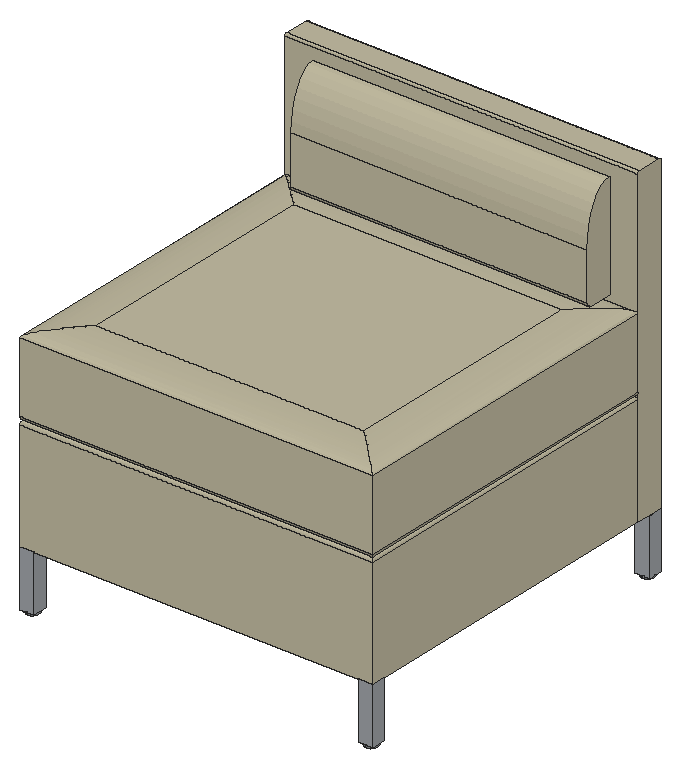
Revit family
Parameters
  URL = "http://www.martinbrattrud.com"
  Table [instance] = none
  SCS Certified Product = "Yes"
  Model = "Bristol 247-01L"
  Manufacturer = "Martin Brattrud, Inc."
  Leg = none
  Keynote = "125000"
  Copyright = "© 2013 Martin Brattrud, Inc."
  Chair [instance] = none
  Back Cushion [instance] = none
  Authoring Version = "Revit Architecture 2010"
  Assembly Code = "E2020200"
Reference planes (in)
  plane 1 "Center Front/Back": y = 0
  plane 2: z = 0
  plane 3 "Center Left/Right": x = 0
  plane 4: y = -8.25
Forms (in)
  Extrusion 1, solid, material <- "Back Cushion"
    sketch origin (0, 0, 0) x (0, 1, 0) y (0, 0, 1)
      loop
        line (8.75, 21.75) -> (8.75, 18.375)
        arc (8.75, 18.375) -> (8.859835, 18.109835) -> (9.125, 18) r 0.375
        line (9.125, 18) -> (10.75, 18) -> (10.75, 25.5)
        spline (10.75, 25.5) -> (10.4889476, 25.4679182) -> (10.2323619, 25.3722218) -> (9.9846331, 25.2145482) -> (9.75, 24.9975953) -> (9.5324771, 24.725075) -> (9.3357864, 24.4016504) -> (9.1632933, 24.0328554) -> (9.0179492, 23.625) -> (8.9022409, 23.1850629) -> (8.8181483, 22.7205714) -> (8.7671103, 22.2394732) -> (8.75, 21.75)
    from -23 to -2
  Extrusion 2, solid, material <- "Chair"
    sketch origin (0, 0, 0) x (0, 1, 0) y (0, 0, 1)
      loop
        line (12.625, 26.5) -> (10.875, 26.5)
        arc (10.875, 26.5) -> (10.7866117, 26.4633883) -> (10.75, 26.375) r 0.125
        line (10.75, 26.375) -> (10.75, 4.25) -> (12.75, 4.25) -> (12.75, 26.375)
        arc (12.75, 26.375) -> (12.7133883, 26.4633883) -> (12.625, 26.5) r 0.125
    from -25 to 0
  Sweep 3, solid, material <- "Chair"
    path in 3D
      loop
        line (0, -12.75, 0) -> (0, 10.75, 0) -> (-25, 10.75, 0) -> (-25, -12.75, 0) -> (0, -12.75, 0)
    profile origin (-12.5, -12.75, 0) x (0, 1, 0) y (0, 0, 1)
      loop
        arc (0.25, 12.25) -> (0.0732233, 12.1767767) -> (0, 12) r 0.25
        line (0, 12) -> (0, 4.25) -> (10.75, 4.25) -> (10.75, 12.25) -> (0.25, 12.25)
  Extrusion 4, solid, material <- "Chair"
    sketch origin (0, 0, 0) x (1, 0, 0) y (0, 1, 0)
      loop
        line (-14.25, 0) -> (-14.25, -2) -> (-9.2740447, -2) -> (-9.2740447, 0) -> (-14.25, 0)
    from 4.25 to 12.25
  Sweep 5, solid, material <- "Chair"
    path origin (0, 0, 0) x (1, 0, 0) y (0, 1, 0)
      loop
        line (-25, -12.75) -> (-0.0030992, -12.75) -> (-0.0030992, 10.75) -> (-25, 10.75) -> (-25, -12.75)
    profile origin (-12.5015496, -12.75, 0) x (0, 1, 0) y (0, 0, 1)
      loop
        line (0.0039063, 17.5) -> (10.75, 17.5) -> (10.75, 18) -> (3.0039063, 18)
        spline (3.0039063, 18) -> (2.6123277, 17.9957224) -> (2.2274491, 17.9829629) -> (1.855856, 17.9619398) -> (1.5039063, 17.9330127) -> (1.177622, 17.8966767) -> (0.8825859, 17.8535534) -> (0.6238462, 17.8043807) -> (0.40583, 17.75) -> (0.2322677, 17.6913417) -> (0.1061288, 17.6294095) -> (0.0295717, 17.5652631) -> (0.0039063, 17.5)
  Sweep 6, solid, material <- "Chair"
    path origin (0, 0, 0) x (1, 0, 0) y (0, 1, 0)
      loop
        line (0, -12.75) -> (0, 10.75) -> (-25, 10.75) -> (-25, -12.75) -> (0, -12.75)
    profile origin (-12.5, -12.75, 0) x (0, -1, 0) y (0, 0, 1)
      loop
        line (-10.7460938, 17.5) -> (-10.7460937, 12.25) -> (-0.25, 12.25)
        arc (-0.25, 12.25) -> (-0.0732233, 12.3232233) -> (0, 12.5) r 0.25
        line (0, 12.5) -> (0, 17.5) -> (-10.7460938, 17.5)
  Extrusion 7, solid, material <- "Chair"
    sketch origin (0, 0, 0) x (1, 0, 0) y (0, 1, 0)
      loop
        line (-14.25, 0) -> (-14.25, -2) -> (-10.7460937, -2) -> (-10.7460937, 0) -> (-14.25, 0)
    from 17.5 to 18
  Extrusion 8, solid, material <- "Chair"
    sketch origin (0, 0, 0) x (1, 0, 0) y (0, 1, 0)
      loop
        line (-10.7460937, 0) -> (-14.25, 0) -> (-14.25, -2) -> (-10.7460937, -2) -> (-10.7460937, 0)
    from 12.25 to 17.5
Cuts and joins
  joined: Sweep 3, Extrusion 4
  joined: Sweep 5, Extrusion 7
  joined: Sweep 6, Extrusion 8
Lines and regions (in)
  sketch lines
    curve 1: line (-25, -12.75, 0) -> (0, -12.75, 0)
    curve 2: line (-25, 10.75, 0) -> (-25, -12.75, 0)
    curve 3: line (-25, 10.75, 0) -> (0, 10.75, 0)
    curve 4: line (0, -12.75, 0) -> (0, 10.75, 0)
Nested families (in)
  nested 1: "Bristol Leg" at (-24.5, -12.25, 0), type "Bristol Leg"
  nested 2: "Bristol Leg" at (-24.5, 12.25, 0), type "Bristol Leg"
  nested 3: "Bristol Leg" at (-0.5, 12.25, 0), type "Bristol Leg"
  nested 4: "Bristol Leg" at (-0.5, -12.25, 0), type "Bristol Leg"
Definition of nested family "Bristol Leg"
  Parameters
    URL = "http://www.martinbrattrud.com"
    SCS Certified Product = ""
    Model = ""
    Leg = none
    Manufacturer = "Martin Brattrud, Inc."
    Keynote = "125000"
    Copyright = "© 2013 Martin Brattrud, Inc."
    Authoring Version = "Revit Architecture 2010"
    Assembly Code = "E2020200"
  Reference planes (in)
    plane 1 "Center Front/Back": y = 0
    plane 2: z = 0
    plane 3 "Center Left/Right": x = 0
  Forms (in)
    Extrusion 1, solid, material <- "Leg"
      sketch origin (0, 0, 0) x (1, 0, 0) y (0, 1, 0)
        loop
          line (-0.5, 0.5) -> (-0.5, -0.5) -> (0.5, -0.5) -> (0.5, 0.5) -> (-0.5, 0.5)
      from 0.25 to 4.25
    Revolve 2, solid, material <- "Leg"
      sketch origin (0, 0, 0) x (0, 1, 0) y (0, 0, 1)
        loop
          line (0, 0) -> (0.25, 0)
          arc (0.25, 0) -> (0.4267767, 0.0732233) -> (0.5, 0.25) r 0.25
          line (0.5, 0.25) -> (0, 0.25) -> (0, 0)
        axis (0, 0.25) -> (0, 0)
      angle from 0 to 360
